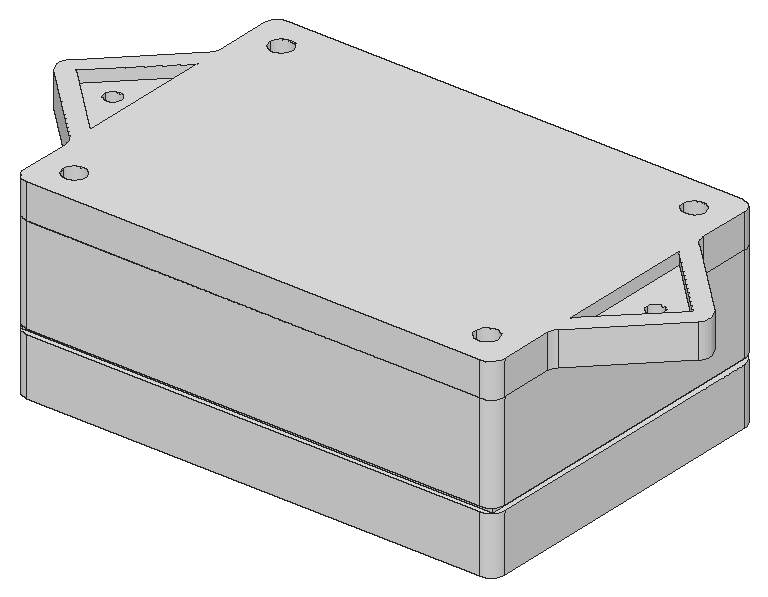
Revit family "SH-42", category Устройства связи, Revit 2022
Family settings
  Размер круглого соединителя = Использовать диаметр
  Тип детали = Нормальный
  На основе рабочей плоскости = Да
  Всегда вертикально = Нет
  При загрузке вырезать с полостями = Нет
  Сохранять ориентацию аннотаций = Нет
  Общий = Да
  Точка принадлежности помещению = Нет
Parameters
  Масса = "0,11 кг"
  Температура хранения = "-15 – +65 °C"
  Степень защиты = "IP30C"
  Максимальное переменное напряжение нагрузки = "~250 В"
  Температура эксплуатации = "-40 – +75 °C"
  Максимальное постоянное напряжение нагрузки = "+30 В"
  Максимальный ток подключаемой нагрузки = "7 А (на каждый канал)"
  Default Elevation = 0 mm
  Описание = "Модуль управления двумя замками SH-42 - Модуль управления предназначен для подключения двух замков и управления ими с внутреннего монитора. Подключение модуля к вызывной панели производится посредством 485 интерфейса между модулем и вызывной панелью. Работает со всеми панелями за исключением AV-02"
  Габаритные размеры = "114,5×57,5×34 мм"
  Материал корпуса = Материал белый
  Допустимая влажность = "20 – 80 %"
  Мощность потребления в режиме ожидания = "0,06 Вт"
  Изображение типоразмера = <Нет>
  Изготовитель = "BAS-IP"
  Напряжение питания модуля = "+12 В"
  Группа модели = "Модуль управления двумя замками SH-42"
  Мощность потребления в рабочем режиме = "1 Вт"
  URL = "https://www.bas-ip.ru"
  Email разработчика семейства = "lytvynchukartur@gmail.com"
  BIM library = "https://bimlib.ru/manufacturer/"
  ADSK_Размер_Ширина = 57.5 mm
  ADSK_Размер_Толщина = 34 mm
  ADSK_Размер_Длина = 114.5 mm
  ADSK_Примечание = ""
  ADSK_Полная мощность = 1 VA  # constant formula
  ADSK_Позиция = ""
  ADSK_Обозначение = ""
  ADSK_Номинальная мощность = 0.06 W
  ADSK_Напряжение = 12 V
  ADSK_Наименование краткое = "SH-42"
  ADSK_Наименование = "Модуль управления двумя замками SH-42"
  ADSK_Масса_Текст = ""
  ADSK_Марка = "SH-42"
  ADSK_Коэффициент мощности = 0.9
  ADSK_Количество фаз = 1
  ADSK_Код изделия = ""
  ADSK_Классификация нагрузок = Модуль управления двумя замками
  ADSK_Зона = ""
  ADSK_Завод-изготовитель = "BAS-IP"
  ADSK_Единица измерения = "шт"
  ADSK_Версия Revit = "Revit 2020"  # constant formula
  Product Page URL = "https://www.bas-ip.com.ua/catalog/accessories/sh-42/"
  Product Documentation Link = "https://www.bas-ip.com.ua/downloads/all/1733/"
Reference planes
  plane 1 "По центру (Вперед/Назад)": y = 0
  plane 2: z = 0
  plane 3 "По центру (Влево/Вправо)": x = 0
Forms (mm)
  Extrusion 1, solid, material "Материал белый" <- "Материал корпуса", detail levels medium+fine
    sketch origin (861.693, -327.052, 74) x (1, 0, 0) y (0, 1, 0)
      loop
        line (-903.943, 353.302) -> (-903.943, 344.283)
        arc (-903.943, 344.283) -> (-904.111, 343.34) -> (-904.595, 342.515) r 2.72
        line (-904.595, 342.515) -> (-918.29, 328.82)
        arc (-918.29, 328.82) -> (-918.943, 327.052) -> (-918.29, 325.285) r 2.72
        line (-918.29, 325.285) -> (-904.595, 311.59)
        arc (-904.595, 311.59) -> (-904.111, 310.764) -> (-903.943, 309.822) r 2.72
        line (-903.943, 309.822) -> (-903.943, 300.802)
        arc (-903.943, 300.802) -> (-903.211, 299.035) -> (-901.443, 298.302) r 2.5
        line (-901.443, 298.302) -> (-821.943, 298.302)
        arc (-821.943, 298.302) -> (-820.175, 299.035) -> (-819.443, 300.802) r 2.5
        line (-819.443, 300.802) -> (-819.443, 309.822)
        arc (-819.443, 309.822) -> (-819.274, 310.764) -> (-818.79, 311.59) r 2.72
        line (-818.79, 311.59) -> (-805.095, 325.285)
        arc (-805.095, 325.285) -> (-804.443, 327.052) -> (-805.095, 328.82) r 2.72
        line (-805.095, 328.82) -> (-818.79, 342.515)
        arc (-818.79, 342.515) -> (-819.274, 343.34) -> (-819.443, 344.283) r 2.72
        line (-819.443, 344.283) -> (-819.443, 353.302)
        arc (-819.443, 353.302) -> (-820.175, 355.07) -> (-821.943, 355.802) r 2.5
        line (-821.943, 355.802) -> (-901.443, 355.802)
        arc (-901.443, 355.802) -> (-903.211, 355.07) -> (-903.943, 353.302) r 2.5
      loop
        circle (-897.943, 349.802) r 2
      loop
        circle (-825.443, 349.802) r 2
      loop
        circle (-897.943, 304.302) r 2
      loop
        circle (-825.443, 304.302) r 2
      loop
        line (-903.943, 338.925) -> (-915.815, 327.052) -> (-903.943, 315.18) -> (-903.943, 338.925)
      loop
        line (-819.443, 338.925) -> (-819.443, 315.18) -> (-807.57, 327.052) -> (-819.443, 338.925)
    from -46 to -40
  Extrusion 2, solid, material "Материал белый" <- "Материал корпуса", detail levels medium+fine
    sketch origin (901.115, -366.161, 74) x (1, 0, 0) y (0, 1, 0)
      loop
        line (-943.365, 392.411) -> (-943.365, 339.911)
        arc (-943.365, 339.911) -> (-942.633, 338.143) -> (-940.865, 337.411) r 2.5
        line (-940.865, 337.411) -> (-861.365, 337.411)
        arc (-861.365, 337.411) -> (-859.597, 338.143) -> (-858.865, 339.911) r 2.5
        line (-858.865, 339.911) -> (-858.865, 392.411)
        arc (-858.865, 392.411) -> (-859.597, 394.179) -> (-861.365, 394.911) r 2.5
        line (-861.365, 394.911) -> (-940.865, 394.911)
        arc (-940.865, 394.911) -> (-942.633, 394.179) -> (-943.365, 392.411) r 2.5
    from -63 to -46
  Extrusion 3, solid, material "Материал белый" <- "Материал корпуса", detail levels medium+fine
    sketch origin (901.115, -366.161, 57) x (1, 0, 0) y (0, 1, 0)
      loop
        line (-942.365, 393.911) -> (-942.365, 338.411) -> (-859.865, 338.411) -> (-859.865, 393.911) -> (-942.365, 393.911)
    from -47 to -46
  Extrusion 4, solid, material "Материал белый" <- "Материал корпуса", detail levels medium+fine
    sketch origin (901.115, -366.161, 56) x (1, 0, 0) y (0, 1, 0)
      loop
        line (-943.365, 392.411) -> (-943.365, 339.911)
        arc (-943.365, 339.911) -> (-942.633, 338.143) -> (-940.865, 337.411) r 2.5
        line (-940.865, 337.411) -> (-861.365, 337.411)
        arc (-861.365, 337.411) -> (-859.597, 338.143) -> (-858.865, 339.911) r 2.5
        line (-858.865, 339.911) -> (-858.865, 392.411)
        arc (-858.865, 392.411) -> (-859.597, 394.179) -> (-861.365, 394.911) r 2.5
        line (-861.365, 394.911) -> (-940.865, 394.911)
        arc (-940.865, 394.911) -> (-942.633, 394.179) -> (-943.365, 392.411) r 2.5
    from -56 to -46
  Extrusion 5, solid, material "Материал белый" <- "Материал корпуса", detail levels medium+fine
    sketch origin (861.693, -320.805, 74) x (1, 0, 0) y (0, 1, 0)
      loop
        line (-903.943, 332.677) -> (-915.815, 320.805) -> (-903.943, 308.932) -> (-903.943, 332.677)
      loop
        line (-819.443, 332.677) -> (-819.443, 308.932) -> (-807.57, 320.805) -> (-819.443, 332.677)
      loop
        circle (-909.315, 320.805) r 1.5
      loop
        circle (-814.07, 320.805) r 1.5
    from -43.995 to -42
Dimensions and locks
  aligned and locked: level to plane 2
Connectors
  electrical at (0, 0, 0)
    settings: on Extrusion 4, index 24, voltage 12 V, apparent load 0 VA, apparent load phase1 1 VA, apparent load phase2 0 VA, apparent load phase3 0 VA, power factor 1, load classification "Модуль управления двумя замками", number of poles 1, system type 30, power factor state 1, is connector primary yes, connector utility no, sub classification motor no, connector description ""
  electrical at (19.701, 0.103, 0)
    settings: on Extrusion 4, index 25, voltage 0 V, apparent load 0 VA, apparent load phase1 0 VA, apparent load phase2 0 VA, apparent load phase3 0 VA, power factor 1, load classification "Прочее", number of poles 1, system type 13, power factor state 1, is connector primary no, connector utility no, sub classification motor no, connector description ""
  electrical at (-19.698, 0.188, 0)
    settings: on Extrusion 4, index 26, voltage 0 V, apparent load 0 VA, apparent load phase1 0 VA, apparent load phase2 0 VA, apparent load phase3 0 VA, power factor 1, load classification "Прочее", number of poles 1, system type 5, power factor state 1, is connector primary no, connector utility no, sub classification motor no, connector description ""
